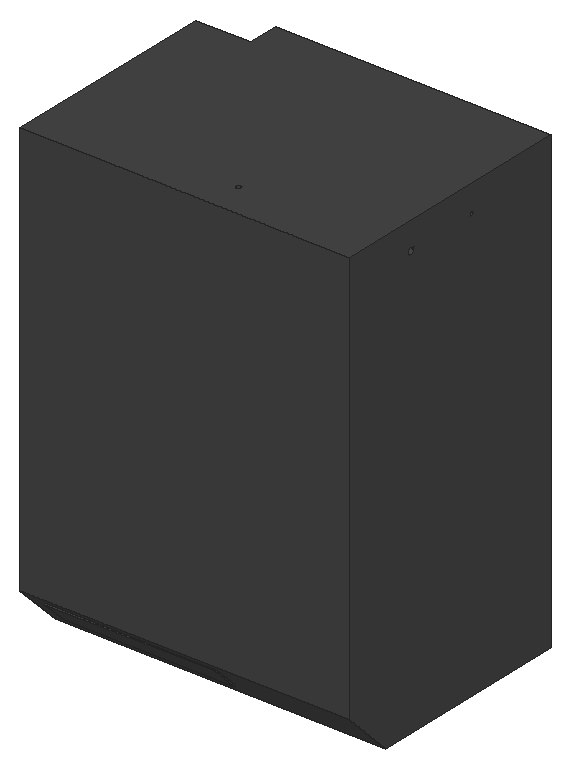
Revit family "SP4250_EUR_REVIT", category Mechanical Equipment, Revit 2014
Parameters (values of type "Standard")
  d185 = 0' - 0"
  d179 = 2' - 8.9706"
  d177 = 0' - 5 1/2"
  d175 = 0' - 0 1/2"
  d173 = 0' - 0 1/2"
  d171 = 0' - 0 1/2"
  d169 = 0' - 0 1/2"
  d167 = 0' - 0 1/2"
  d165 = 0' - 1.45"
  d163 = 0' - 1.45"
  d161 = 0' - 0 1/2"
  d159 = 0' - 0 1/2"
  d157 = 0' - 0 1/2"
  d155 = 0' - 0 1/2"
  URL = "www.neptronic.com"
  Part Number = "SP4250_REVIT"
  Model = "SKE90, SKE100, SKE110, SKE120"
  Manufacturer = "Neptronic"
  Designer = "Antoine"
  Design Status = 1
  Description = "Electric Resistive Humidifier"
  Date Created = "2014-06-26 09:19:14"
  Connector_18_Diameter = 0' - 0"
  Connector_17_Diameter = 0' - 0"
  Connector_16_Diameter = 0' - 0"
  Connector_15_Diameter = 0' - 0"
  Connector_14_Diameter = 0' - 0"
  Connector_11_Diameter = 0' - 0"
  Connector_10_Diameter = 0' - 0"
  Author = "Antoine"
Reference planes (in)
  plane 1 "Center (Front/Back)": y = 0
  plane 2: z = 0
  plane 3 "Center (Left/Right)": x = 0
  plane 4: x = -19.2353
  plane 5: x = 13.7353
  plane 6: x = -19.2353
  plane 7: x = -13.7353
  plane 8: x = 13.7353
  plane 9: x = 13.2353
  plane 10: x = 13.7353
  plane 11: x = 13.2353
  plane 12: z = 0.058
  plane 13: z = -0.442
  plane 14: x = -19.2353
  plane 15: x = -18.7353
  plane 16: x = -19.2353
  plane 17: x = -18.7353
  plane 18: y = 8.75955
  plane 19: y = 10.20955
  plane 20: y = 8.75955
  plane 21: y = 10.20955
  plane 22: y = 8.75955
  plane 23: y = 8.25955
  plane 24: y = 8.75955
  plane 25: y = 8.25955
  plane 26: z = -45.8412
  plane 27: z = -45.3412
  plane 28: z = -45.8412
  plane 29: z = -45.3412
Forms (in)
  Extrusion 1, solid
    sketch origin (-19.2353, 0, 0) x (0, -1, 0) y (0, 0, 1)
      loop
        line (8.68454, -45.8412) -> (13.18454, -41.3412) -> (13.18454, 0.058) -> (-11.8229, 0.058) -> (-11.8229, -45.8412) -> (8.68454, -45.8412)
    from 0 to -32.9706
  Extrusion 2, void
    sketch origin (-19.2353, 0, 0) x (0, -1, 0) y (0, 0, 1)
      loop
        line (-8.75955, 0.058) -> (-11.8229, 0.058) -> (-11.8229, -45.8412) -> (-8.75955, -45.8412) -> (-8.75955, 0.058)
    from 0 to -5.5
  Extrusion 3, void
    sketch origin (13.7353, 0, 0) x (0, -1, 0) y (0, 0, -1)
      loop
        circle (5.6021, 2.6972) r 0.375
    from 0 to -0.5
  Extrusion 4, void
    sketch origin (13.7353, 0, 0) x (0, -1, 0) y (0, 0, -1)
      loop
        circle (-1.9479, 2.6972) r 0.25
    from 0 to -0.5
  Extrusion 5, void
    sketch origin (0, 0, 0.058) x (-1, 0, 0) y (0, -1, 0)
      loop
        circle (0, 9.93877) r 0.25
    from 0 to -0.5
  Extrusion 6, void
    sketch origin (-19.2353, 0, 0) x (0, -1, 0) y (0, 0, 1)
      loop
        circle (5.66545, -2.69708) r 0.375
    from 0 to -0.5
  Extrusion 7, void
    sketch origin (-19.2353, 0, 0) x (0, -1, 0) y (0, 0, 1)
      loop
        circle (-1.88455, -2.69708) r 0.25
    from 0 to -0.5
  Extrusion 8, solid
    sketch origin (0, 8.75955, 0) x (-1, 0, 0) y (0, 0, 1)
      loop
        line (18.8478, -39.80485) -> (14.1228, -39.80485) -> (14.1228, -43.75485) -> (18.8478, -43.75485) -> (18.8478, -39.80485)
    from 0 to 1.45
  Extrusion 9, solid
    sketch origin (0, 8.75955, 0) x (-1, 0, 0) y (0, 0, 1)
      loop
        line (18.8478, -21.30485) -> (14.1228, -21.30485) -> (14.1228, -25.25485) -> (18.8478, -25.25485) -> (18.8478, -21.30485)
    from 0 to 1.45
  Extrusion 10, void
    sketch origin (0, 8.75955, 0) x (-1, 0, 0) y (0, 0, 1)
      loop
        circle (16.54295, -13.65185) r 0.4375
    from 0 to -0.5
  Extrusion 11, void
    sketch origin (0, 8.75955, 0) x (-1, 0, 0) y (0, 0, 1)
      loop
        circle (16.54295, -16.98285) r 0.4375
    from 0 to -0.5
  Extrusion 12, void
    sketch origin (0, 0, -45.8412) x (-1, 0, 0) y (0, -1, 0)
      loop
        circle (4.40941, -1.26327) r 1.0625
    from 0 to 0.5
  Extrusion 13, void
    sketch origin (0, 0, -45.8412) x (-1, 0, 0) y (0, -1, 0)
      loop
        circle (-4.78168, -1.26327) r 1.0625
    from 0 to 0.5
  Extrusion 14, solid
    sketch origin (-19.2353, -8.68454, -45.8412) x (1, 0, 0) y (0, -0.707107, 0.707107)
      loop
        line (19, 1.86396) -> (19, 5.36396) -> (2, 5.36396) -> (2, 1.86396) -> (19, 1.86396)
    from 0 to 0.125
Cuts and joins
  Extrusion 2, Extrusion 3, Extrusion 4, Extrusion 5, Extrusion 6, Extrusion 7, Extrusion 10, Extrusion 11, Extrusion 12, Extrusion 13 cuts Extrusion 1
  Extrusion 10, Extrusion 11, Extrusion 12, Extrusion 13 cuts Extrusion 8
  Extrusion 10, Extrusion 11, Extrusion 12, Extrusion 13 cuts Extrusion 9
  joined: Extrusion 1, Extrusion 8, Extrusion 9, Extrusion 14
Lines and regions (in)
  reference lines
    curve 1: line (-19.2353, -8.68454, -45.8412) -> (-19.2353, -13.18454, -41.3412)
    curve 2: line (-19.2353, -13.18454, 0.058) -> (-19.2353, -13.18454, -41.3412)
    curve 3: line (-19.2353, -13.18454, 0.058) -> (-19.2353, 11.8229, 0.058)
    curve 4: line (-19.2353, 11.8229, 0.058) -> (-19.2353, 11.8229, -45.8412)
    curve 5: line (-19.2353, -8.68454, -45.8412) -> (-19.2353, 11.8229, -45.8412)
    curve 6: line (-19.2353, 8.75955, 0.058) -> (-19.2353, 8.75955, -45.8412)
    curve 7: line (-19.2353, 8.75955, -45.8412) -> (-19.2353, 11.8229, -45.8412)
    curve 8: line (-19.2353, 11.8229, 0.058) -> (-19.2353, 11.8229, -45.8412)
    curve 9: line (-19.2353, 8.75955, 0.058) -> (-19.2353, 11.8229, 0.058)
    curve 10: circle (13.7353, -5.6021, -2.6972) r 0.375 normal (1, 0, 0)
    curve 11: circle (13.7353, 1.9479, -2.6972) r 0.25 normal (1, 0, 0)
    curve 12: circle (0, -9.93877, 0.058) r 0.25 normal (0, 0, 1)
    curve 13: circle (-19.2353, -5.66545, -2.69708) r 0.375 normal (-1, 0, 0)
    curve 14: circle (-19.2353, 1.88455, -2.69708) r 0.25 normal (-1, 0, 0)
    curve 15: line (-18.8478, 8.75955, -39.80485) -> (-18.8478, 8.75955, -43.75485)
    curve 16: line (-18.8478, 8.75955, -43.75485) -> (-14.1228, 8.75955, -43.75485)
    curve 17: line (-14.1228, 8.75955, -43.75485) -> (-14.1228, 8.75955, -39.80485)
    curve 18: line (-14.1228, 8.75955, -39.80485) -> (-18.8478, 8.75955, -39.80485)
    curve 19: line (-18.8478, 8.75955, -21.30485) -> (-18.8478, 8.75955, -25.25485)
    curve 20: line (-18.8478, 8.75955, -25.25485) -> (-14.1228, 8.75955, -25.25485)
    curve 21: line (-14.1228, 8.75955, -25.25485) -> (-14.1228, 8.75955, -21.30485)
    curve 22: line (-14.1228, 8.75955, -21.30485) -> (-18.8478, 8.75955, -21.30485)
    curve 23: circle (-16.54295, 8.75955, -13.65185) r 0.4375 normal (0, 1, 0)
    curve 24: circle (-16.54295, 8.75955, -16.98285) r 0.4375 normal (0, 1, 0)
    curve 25: circle (-4.40941, 1.26327, -45.8412) r 1.0625 normal (0, 0, 1)
    curve 26: circle (4.78168, 1.26327, -45.8412) r 1.0625 normal (0, 0, 1)
    curve 27: line (-0.2353, -10.00255, -44.52318) -> (-17.2353, -10.00255, -44.52318)
    curve 28: line (-17.2353, -10.00255, -44.52318) -> (-17.2353, -12.47743, -42.04831)
    curve 29: line (-17.2353, -12.47743, -42.04831) -> (-0.2353, -12.47743, -42.04831)
    curve 30: line (-0.2353, -12.47743, -42.04831) -> (-0.2353, -10.00255, -44.52318)
Dimensions and locks (in)
  "d179": plane 5 to plane 4
  "d177": plane 7 to plane 6
  "d175": plane 9 to plane 8
  "d173": plane 11 to plane 10
  "d171": plane 13 to plane 12
  "d169": plane 15 to plane 14
  "d167": plane 17 to plane 16
  "d165": plane 18 to plane 19
  "d163": plane 20 to plane 21
  "d161": plane 23 to plane 22
  "d159": plane 25 to plane 24
  "d157": plane 26 to plane 27
  "d155": plane 28 to plane 29
  aligned and locked: plane 2 to level
  aligned and locked: Extrusion 1 to plane 5
  aligned and locked: plane 4 to Extrusion 1
  aligned and locked: Extrusion 1 sketch curve to curve 1
  aligned and locked: Extrusion 1 sketch curve to curve 2
  aligned and locked: Extrusion 1 sketch curve to curve 3
  aligned and locked: Extrusion 1 sketch curve to curve 4
  aligned and locked: Extrusion 1 sketch curve to curve 5
  aligned and locked: Extrusion 2 to plane 7
  aligned and locked: plane 6 to Extrusion 2
  aligned and locked: Extrusion 2 sketch curve to curve 6
  aligned and locked: Extrusion 2 sketch curve to curve 7
  aligned and locked: Extrusion 2 sketch curve to curve 8
  aligned and locked: Extrusion 2 sketch curve to curve 9
  aligned and locked: plane 9 to Extrusion 3
  aligned and locked: Extrusion 3 to plane 8
  aligned and locked: Extrusion 3 sketch curve to curve 10  (x2)
  aligned and locked: plane 11 to Extrusion 4
  aligned and locked: Extrusion 4 to plane 10
  aligned and locked: Extrusion 4 sketch curve to curve 11  (x2)
  aligned and locked: Extrusion 5 to plane 13
  aligned and locked: plane 12 to Extrusion 5
  aligned and locked: Extrusion 5 sketch curve to curve 12  (x2)
  aligned and locked: Extrusion 6 to plane 15
  aligned and locked: plane 14 to Extrusion 6
  aligned and locked: Extrusion 6 sketch curve to curve 13  (x2)
  aligned and locked: Extrusion 7 to plane 17
  aligned and locked: plane 16 to Extrusion 7
  aligned and locked: Extrusion 7 sketch curve to curve 14  (x2)
  aligned and locked: plane 19 to Extrusion 8
  aligned and locked: Extrusion 8 to plane 18
  aligned and locked: Extrusion 8 sketch curve to curve 15
  aligned and locked: Extrusion 8 sketch curve to curve 16
  aligned and locked: Extrusion 8 sketch curve to curve 17
  aligned and locked: Extrusion 8 sketch curve to curve 18
  aligned and locked: plane 21 to Extrusion 9
  aligned and locked: Extrusion 9 to plane 20
  aligned and locked: Extrusion 9 sketch curve to curve 19
  aligned and locked: Extrusion 9 sketch curve to curve 20
  aligned and locked: Extrusion 9 sketch curve to curve 21
  aligned and locked: Extrusion 9 sketch curve to curve 22
  aligned and locked: Extrusion 10 to plane 23
  aligned and locked: plane 22 to Extrusion 10
  aligned and locked: Extrusion 10 sketch curve to curve 23  (x2)
  aligned and locked: Extrusion 11 to plane 25
  aligned and locked: plane 24 to Extrusion 11
  aligned and locked: Extrusion 11 sketch curve to curve 24  (x2)
  aligned and locked: Extrusion 12 to plane 27
  aligned and locked: plane 26 to Extrusion 12
  aligned and locked: Extrusion 12 sketch curve to curve 25  (x2)
  aligned and locked: Extrusion 13 to plane 29
  aligned and locked: Extrusion 13 to plane 28
  aligned and locked: Extrusion 13 sketch curve to curve 26  (x2)
  aligned and locked: Extrusion 14 sketch curve to curve 27
  aligned and locked: Extrusion 14 sketch curve to curve 28
  aligned and locked: Extrusion 14 sketch curve to curve 29
  aligned and locked: Extrusion 14 sketch curve to curve 30
Connectors (in)
  hvac at (4.78168, 1.26327, -45.8412), driven by "Connector_10_Diameter"
    settings: on cut or joined group 1 (Extrusion 1, Extrusion 2, Extrusion 3, Extrusion 4, Extrusion 5, Extrusion 6, Extrusion 7, Extrusion 8, Extrusion 9, Extrusion 10, Extrusion 11, Extrusion 12, Extrusion 13, Extrusion 14), index 1, duct flow 0 CFM, flow factor 0, pres drop 0.00 in-wg, loss coef 0, conn angle 0.00°, conn width 12", conn height 12", conn diameter 0", duct sys type 1, conn prof type 0, flow config 1, flow direction 2, loss method 0, conn ref index -1, conn util no, is conn primary yes, conn desc "Steam Outlet 2 1/8'' (1 of 2)"
  hvac at (-4.40941, 1.26327, -45.8412), driven by "Connector_11_Diameter"
    settings: on cut or joined group 1, index 2, duct flow 0 CFM, flow factor 0, pres drop 0.00 in-wg, loss coef 0, conn angle 0.00°, conn width 12", conn height 12", conn diameter 0", duct sys type 1, conn prof type 0, flow config 1, flow direction 2, loss method 0, conn ref index -1, conn util no, is conn primary no, conn desc "Steam Outlet 2 1/8\" (2 of 2)"
  electrical at (-16.54295, 8.75955, -16.98285)
    settings: on cut or joined group 1, index 3, voltage 0 V, apparent load 0 VA, apparent load phase1 0 VA, apparent load phase2 0 VA, apparent load phase3 0 VA, power factor 0, load classification "Other", number of poles 1, system type 30, power factor state 1, is connector primary yes, connector utility no, sub classification motor no, connector description "Power Supply inlet 7/8'' (KO)"
  electrical at (-16.54295, 8.75955, -13.65185)
    settings: on cut or joined group 1, index 4, voltage 0 V, apparent load 0 VA, apparent load phase1 0 VA, apparent load phase2 0 VA, apparent load phase3 0 VA, power factor 1, load classification "Other", number of poles 1, system type 13, power factor state 1, is connector primary no, connector utility no, sub classification motor no, connector description "Low Voltage Control Inlet 7/8\" (KO)"
  piping at (0, -9.93877, 0.058), driven by "Connector_14_Diameter"
    settings: on cut or joined group 1, index 5, connector diameter 0", connector inside diameter 24", connector length 0' - 0", flow factor 0, pipe flow 0 GPM, pressure drop 0.00 psi, fitting loss kfactor 0, connector angle 0.00°, fixture units 0, engagement length 0' - 0", angle of deflection 0.00°, flow configuration 1, flow direction 2, fitting loss method 0, system type 16, joint type 0, gender type 0, connector reference index -1, connector utility 0, adjustable connector no, is connector primary yes, connector description "Pan drip drain outlet 1/2\""
  piping at (13.7353, 1.9479, -2.6972), driven by "Connector_15_Diameter"
    settings: on cut or joined group 1, index 6, connector diameter 0", connector inside diameter 24", connector length 0' - 0", flow factor 0, pipe flow 0 GPM, pressure drop 0.00 psi, fitting loss kfactor 0, connector angle 0.00°, fixture units 0, engagement length 0' - 0", angle of deflection 0.00°, flow configuration 1, flow direction 1, fitting loss method 0, system type 20, joint type 0, gender type 0, connector reference index -1, connector utility 0, adjustable connector no, is connector primary no, connector description "Water Inlet 1/2\" Male NPT (Option)"
  piping at (13.7353, -5.6021, -2.6972), driven by "Connector_16_Diameter"
    settings: on cut or joined group 1, index 7, connector diameter 0", connector inside diameter 24", connector length 0' - 0", flow factor 0, pipe flow 0 GPM, pressure drop 0.00 psi, fitting loss kfactor 0, connector angle 0.00°, fixture units 0, engagement length 0' - 0", angle of deflection 0.00°, flow configuration 1, flow direction 2, fitting loss method 0, system type 16, joint type 0, gender type 0, connector reference index -1, connector utility 0, adjustable connector no, is connector primary no, connector description "Main drain 3/4\" (Option)"
  piping at (-19.2353, -5.66545, -2.69708), driven by "Connector_17_Diameter"
    settings: on cut or joined group 1, index 8, connector diameter 0", connector inside diameter 24", connector length 0' - 0", flow factor 0, pipe flow 0 GPM, pressure drop 0.00 psi, fitting loss kfactor 0, connector angle 0.00°, fixture units 0, engagement length 0' - 0", angle of deflection 0.00°, flow configuration 1, flow direction 2, fitting loss method 0, system type 16, joint type 0, gender type 0, connector reference index -1, connector utility 0, adjustable connector no, is connector primary no, connector description "Main drain 3/4\" (STD)"
  piping at (-19.2353, 1.88455, -2.69708), driven by "Connector_18_Diameter"
    settings: on cut or joined group 1, index 9, connector diameter 0", connector inside diameter 24", connector length 0' - 0", flow factor 0, pipe flow 0 GPM, pressure drop 0.00 psi, fitting loss kfactor 0, connector angle 0.00°, fixture units 0, engagement length 0' - 0", angle of deflection 0.00°, flow configuration 1, flow direction 1, fitting loss method 0, system type 20, joint type 0, gender type 0, connector reference index -1, connector utility 0, adjustable connector no, is connector primary no, connector description "Water Supply inlet 1/2\" Male NPT (STD)"
